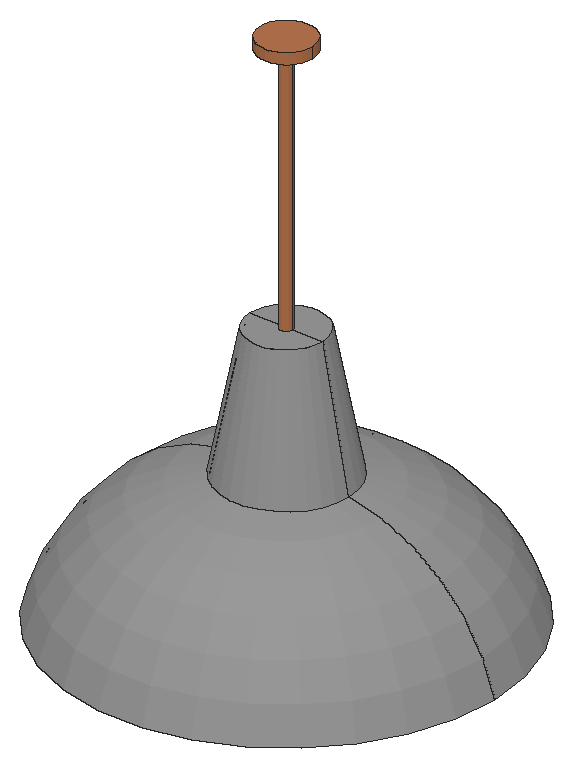
Revit family "P3_Pendent Light", category Lighting Fixtures, Revit 2013
Parameters (values of type "F1_Suspended w/p Luminaire")
  Wattage = 9.2903 W
  built-in parameter 1150110 = 1 (stored number, unit not read)
  built-in parameter 1114217 = 1 (stored number, unit not read)
  Tilt Angle = 90.00°
  built-in parameter 1150109 = 1 (stored number, unit not read)
  built-in parameter 1150134 = 3
  built-in parameter 1150113 = 1 (stored number, unit not read)
  built-in parameter 1010507 = 1.0472 (stored number, unit not read)
  built-in parameter 1010506 = 0.5236 (stored number, unit not read)
  Soffit/Ceiling Level [instance] = 3000 mm
  built-in parameter 1150105 = 4847.6 (stored number, unit not read)
  Lumens = 1380 lm
  built-in parameter 1150115 = 1 (stored number, unit not read)
  Lt = Whitecroft Lighting_Polycarbonate
  Load Classification = Ltg
  Light Type [instance] = "F1"
  Light Source Symbol Length = 2000 mm
  built-in parameter 1150137 = (empty or 0)
  built-in parameter 1150139 = (empty or 0)
  Light Body = Light Body
  built-in parameter 1150112 = 1 (stored number, unit not read)
  built-in parameter 1150114 = 1 (stored number, unit not read)
  Lamp = "1x35W"
  built-in parameter 1150132 = (empty or 0)
  built-in parameter 1150102 = (empty or 0)
  built-in parameter 1150107 = 3200 (stored number, unit not read)
  built-in parameter 1150138 = (empty or 0)
  built-in parameter 1150106 = 48.476 (stored number, unit not read)
  Glass = Glass, Green
  built-in parameter 1150104 = 13.8 (stored number, unit not read)
  Dimming Lamp Color Temperature Shift = <None>
  Color Filter = 16777215
  Bottom of Light [instance] = 2500 mm
  built-in parameter 1114218 = 1 (stored number, unit not read)
  built-in parameter 1150133 = 10 (stored number, unit not read)
  Apparent Load = 35 VA
Reference planes
  plane 1 "Light Source Axis (F/B)": y = 0
  plane 2: z = 0
  plane 3 "Light Source Axis (L/R)": x = 0
  plane 4 "Light Source Elevation": z = 2500
  plane 5: z = 3000
  plane 6: z = 2500
  plane 7: z = 2750
  plane 8: z = 2990
  plane 9: z = 2500
  plane 10: y = -80
  plane 11: y = -100
  plane 12: y = -12.5
  plane 13: y = 12.5
  plane 14: y = -125
  plane 15: y = 125
  plane 16: y = 80
  plane 17: y = -50
  plane 18: y = 50
  plane 19: z = 2690
  plane 20: x = -35
  plane 21: x = -60
  plane 22: z = 2625
  plane 23: x = -200
Forms (mm)
  Extrusion 1, solid, material "Light Body" <- "Light Body"
    sketch origin (500, 0, 0) x (1, 0, 0) y (0, 1, 0)
      loop
        circle (-500, 0) r 6
    from 2750 to 2990
  Extrusion 2, solid, material "Light Body" <- "Light Body"
    sketch origin (-500, 0, 2990) x (1, 0, 0) y (0, 1, 0)
      loop
        circle (500, 0) r 25
    from 0 to 10
  Revolve 3, solid, material "Whitecroft Lighting_Polycarbonate" <- "Lt"
    sketch origin (0, -0.199, 2274.677) x (0, 1, 0) y (0, 0, -1)
      loop
        line (-20, -347.749) -> (-20, -409.968) -> (-14.645, -415.323) -> (0, -415.323) -> (0, -265.323)
        arc (0, -265.323) -> (-37.645, -291.799) -> (-25.455, -336.179) r 40
        arc (-25.455, -336.179) -> (-21.432, -341.353) -> (-20, -347.749) r 15
      axis (0, -265.323) -> (0, -415.323)
    angle from 0 to 360
  Revolve 4, solid, material "Glass, Green" <- "Glass"
    sketch origin (0, 0, 0) x (1, 0, 0) y (0, 0, 1)
      loop
        line (-200, 2500) -> (-196.898, 2500)
        arc (-196.898, 2500) -> (-145.807, 2582.381) -> (-57.477, 2622.316) r 166.422
        line (-57.477, 2622.316) -> (-32.541, 2747) -> (0, 2747) -> (0, 2750) -> (-35, 2750) -> (-60, 2625)
        arc (-60, 2625) -> (-148.89, 2583.657) -> (-200, 2500) r 169.422
      axis (0, 2750) -> (0, 2500)
    angle from 0 to 360
Dimensions and locks
  "Soffit/Ceiling Level": plane 5 to level
  "Bottom of Light": plane 6 to level
  locked: plane 5 to plane 8 at 10
  plane 17 to plane 1 "Light Source Axis (F/B)" = 50 mm
  plane 1 "Light Source Axis (F/B)" to plane 18 = 50 mm
  plane 7 to plane 19 to plane 6 = 60 mm locked, 190 mm locked
  locked: plane 22 to imposter light at 125
  locked: plane 19 to plane 22 at 65
  plane 7 to plane 19 = 60 mm
  plane 3 "Light Source Axis (L/R)" to plane 20 = 35 mm
  plane 3 "Light Source Axis (L/R)" to plane 21 = 60 mm
  plane 3 "Light Source Axis (L/R)" to plane 23 = 200 mm
  aligned and locked: plane 3 "Light Source Axis (L/R)" to imposter light
  aligned and locked: imposter light to plane 1 "Light Source Axis (F/B)"
  aligned and locked: plane 4 "Light Source Elevation" to imposter light
  aligned and locked: plane 2 to level
  aligned and locked: plane 4 "Light Source Elevation" to plane 6
  aligned and locked: plane 5 to Extrusion 2
  aligned and locked: Extrusion 2 to plane 8
  aligned and locked: plane 8 to Extrusion 1
  aligned and locked: Extrusion 1 to plane 7
  aligned and locked: Revolve 3 sketch curve to plane 19
Automatic sketch dimensions
  plane 1 "Light Source Axis (F/B)" to Extrusion 1 sketch curve = 0 mm
  Extrusion 1 sketch curve to plane 3 "Light Source Axis (L/R)" = 0 mm
  plane 1 "Light Source Axis (F/B)" to Extrusion 2 sketch curve = 0 mm
  Extrusion 2 sketch curve to plane 3 "Light Source Axis (L/R)" = 0 mm
  Revolve 3 sketch curve to plane 12 = 7.699 mm
  plane 19 to Revolve 3 sketch curve = 5.355 mm
  Revolve 3 sketch curve to plane 12 = 2.344 mm
  Revolve 3 sketch curve to plane 1 "Light Source Axis (F/B)" = 0.199 mm  (x2)
  plane 22 to Revolve 3 sketch curve = 2.574 mm
  Revolve 3 sketch curve to plane 17 = 14.801 mm
  Revolve 3 sketch curve to Revolve 3 sketch curve = 5.455 mm
  Revolve 3 sketch curve to Revolve 3 sketch curve = 0 mm
  plane 7 to Revolve 3 sketch curve = 10 mm
  plane 4 "Light Source Elevation" to Revolve 3 sketch curve = 10 mm
  Revolve 4 sketch curve to Revolve 4 sketch curve = 0 mm  (x2)
  Revolve 4 sketch curve to plane 4 "Light Source Elevation" = 0 mm
  Revolve 4 sketch curve to plane 23 = 0 mm
  Revolve 4 sketch curve to plane 21 = 0 mm
  Revolve 4 sketch curve to plane 7 = 0 mm
  Revolve 4 sketch curve to plane 20 = 0 mm
  Revolve 4 sketch curve to plane 3 "Light Source Axis (L/R)" = 0 mm  (x2)
  Revolve 4 sketch curve to plane 22 = 0 mm
  plane 23 to Revolve 4 sketch curve = 3.102 mm
  plane 21 to Revolve 4 sketch curve = 2.523 mm
  plane 20 to Revolve 4 sketch curve = 2.459 mm
  Revolve 4 sketch curve to plane 20 = 1.053 mm
  Revolve 4 sketch curve to plane 7 = 3 mm
  plane 4 "Light Source Elevation" to Revolve 4 sketch curve = 28 mm
  Revolve 4 sketch curve to Revolve 4 sketch curve = 15 mm
  radius of Extrusion 1 sketch curve = 6 mm
  radius of Extrusion 2 sketch curve = 25 mm
Nested families
  nested 1: "EL_P3" at (0, 0, 0), type "EL_P3"
Connectors
  electrical at (0, 0, 3000), driven by "Load Classification"
    settings: on Extrusion 2, index 1, voltage 230 V, apparent load 0 VA, apparent load phase1 35 VA, apparent load phase2 0 VA, apparent load phase3 0 VA, power factor 0.9, load classification "Ltg", number of poles 1, system type 31, power factor state 1, is connector primary yes, connector utility no, sub classification motor no, connector description ""
Definition of nested family "EL_P3"
  Reference planes
    plane 1: y = 0
    plane 2: x = 0
  Lines and regions (mm)
    Filled region 1, type "Filled region 1"
      outline origin (0, 0, 0) x (1, 0, 0) y (0, 1, 0)
        loop
          circle (0, 0) r 2
        loop
          circle (0, 0) r 1.75
    detail lines, style "Lighting Symbols"
      curve 1: line (-2.5, 0, 0) -> (-0.8, 0, 0)
      curve 2: line (0, 2.5, 0) -> (0, 0.8, 0)
      curve 3: circle (0, 0, 0) r 0.8 normal (0, 0, 1)
      curve 4: line (0.8, 0, 0) -> (2.5, 0, 0)
      curve 5: line (0, -0.8, 0) -> (0, -2.5, 0)
